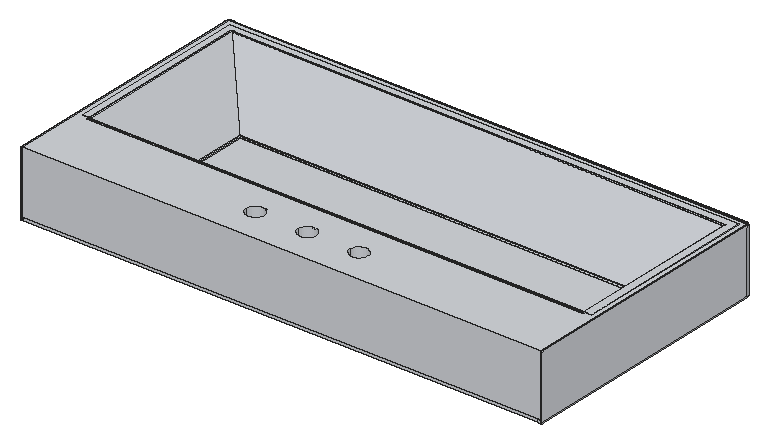
Revit family "M_Sink Bathroom_3", category 위생기구, Revit 2026
Family settings
  원형 커넥터 치수 = 지름 사용
  부품 유형 = 보통
  작업 기준면 기반 = 아니오
  뷰에서 절단 사용 = 아니오
  항상 수직 = 예
  로드될 때 보이드를 사용하여 절단 = 아니오
  주석 방향 유지 = 아니오
  공유 = 아니오
  룸 계산 점 = 아니오
Parameters (values of type "1000 x 500mm")
  기본 높이 = 0 mm
  Material = none
  제조업체 = "Revit"
  조합 코드 = "D2010440"
Reference planes
  plane 1 "Center (Front/Back)": y = 0
  plane 2: z = 0
  plane 3 "Center (Left/Right)": x = 0
  plane 4: x = -134.49
  plane 5: x = -249.489
  plane 6: x = -224.489
Forms (mm)
  Sweep 1, solid, material <- "Material"
    path origin (-125, -75, 630) x (1, 0, 0) y (0, 1, 0)
      loop
        line (-348.531, 210) -> (-348.531, 550) -> (601.469, 550) -> (601.469, 210)
    profile origin (0, 305, 0) x (-1, 0, 0) y (0, 0, 1)
      loop
        line (488.392, 745) -> (488.392, 750) -> (474.501, 750)
        arc (474.501, 750) -> (473.531, 749.749) -> (472.805, 749.06) r 2
        line (472.805, 749.06) -> (398.98, 630.94)
        arc (398.98, 630.94) -> (398.253, 630.251) -> (397.284, 630) r 2
        line (397.284, 630) -> (393.039, 630) -> (393.039, 624.958) -> (401.137, 624.958) -> (476.163, 745) -> (488.392, 745)
  Sweep 2, solid, material <- "Material"
    path origin (-125, -75, 630) x (1, 0, 0) y (0, 1, 0)
      loop
        line (-351.163, 205) -> (604.101, 205)
    profile origin (1.469, 0, 0) x (0, 1, 0) y (0, 0, 1)
      loop
        line (149.827, 631.749) -> (135.102, 748.251)
        arc (135.102, 748.251) -> (134.441, 749.5) -> (133.118, 750) r 2
        line (133.118, 750) -> (129.881, 750) -> (145.686, 624.958) -> (155.686, 624.958) -> (155.686, 630) -> (151.811, 630)
        arc (151.811, 630) -> (150.489, 630.5) -> (149.827, 631.749) r 2
  Extrusion 3, solid, material <- "Material"
    sketch origin (-125, -75, 630) x (1, 0, 0) y (0, 1, 0)
      loop
        arc (-370.531, 573) -> (-372.653, 572.121) -> (-373.531, 570) r 3
        line (-373.531, 570) -> (-373.531, 75) -> (626.469, 75) -> (626.469, 570)
        arc (626.469, 570) -> (625.59, 572.121) -> (623.469, 573) r 3
        line (623.469, 573) -> (-370.531, 573)
      loop
        circle (25.511, 139.361) r 17.5
      loop
        circle (125.511, 139.361) r 17.5
      loop
        circle (225.511, 139.361) r 17.5
      loop
        line (604.101, 550) -> (-351.163, 550) -> (-351.163, 205) -> (604.101, 205) -> (604.101, 550)
    from 0 to 120
  Sweep 4, solid, material <- "Material"
    path origin (-125, -75, 630) x (1, 0, 0) y (0, 1, 0)
      loop
        line (-373.531, 75) -> (-373.531, 570)
        arc (-373.531, 570) -> (-372.067, 573.536) -> (-368.531, 575) r 5
        line (-368.531, 575) -> (621.469, 575)
        arc (621.469, 575) -> (625.004, 573.536) -> (626.469, 570) r 5
        line (626.469, 570) -> (626.469, 75)
    profile origin (0, 247.5, 0) x (-1, 0, 0) y (0, 0, 1)
      loop
        line (498.531, 750) -> (498.531, 625) -> (499.531, 625)
        arc (499.531, 625) -> (500.238, 625.293) -> (500.531, 626) r 1
        line (500.531, 626) -> (500.531, 749)
        arc (500.531, 749) -> (500.238, 749.707) -> (499.531, 750) r 1
        line (499.531, 750) -> (498.531, 750)
  Extrusion 5, solid, material <- "Material"
    sketch origin (-125, -75, 630) x (1, 0, 0) y (0, 1, 0)
      loop
        arc (-373.531, 80) -> (-372.067, 76.464) -> (-368.531, 75) r 5
        line (-368.531, 75) -> (621.469, 75)
        arc (621.469, 75) -> (625.004, 76.464) -> (626.469, 80) r 5
        line (626.469, 80) -> (626.469, 570)
        arc (626.469, 570) -> (625.004, 573.536) -> (621.469, 575) r 5
        line (621.469, 575) -> (-368.531, 575)
        arc (-368.531, 575) -> (-372.067, 573.536) -> (-373.531, 570) r 5
        line (-373.531, 570) -> (-373.531, 80)
      loop
        circle (125.51, 275) r 23
    from -5.042 to 0
Lines and regions (mm)
  symbolic lines
    curve 1: line (-495, 500, 0) -> (495, 500, 0)
    curve 2: arc (495, 500, 0) -> (498.536, 498.536, 0) -> (500, 495, 0) r 5
    curve 3: line (500, 495, 0) -> (500, 5, 0)
    curve 4: arc (500, 5, 0) -> (498.536, 1.464, 0) -> (495, 0, 0) r 5
    curve 5: line (495, 0, 0) -> (-495, 0, 0)
    curve 6: arc (-495, 0, 0) -> (-498.536, 1.464, 0) -> (-500, 5, 0) r 5
    curve 7: line (-500, 5, 0) -> (-500, 495, 0)
    curve 8: arc (-500, 495, 0) -> (-498.536, 498.536, 0) -> (-495, 500, 0) r 5
    curve 9: line (-470, 475, 0) -> (470, 475, 0)
    curve 10: arc (470, 475, 0) -> (473.536, 473.536, 0) -> (475, 470, 0) r 5
    curve 11: line (475, 470, 0) -> (475, 135, 0)
    curve 12: arc (475, 135, 0) -> (473.536, 131.464, 0) -> (470, 130, 0) r 5
    curve 13: line (470, 130, 0) -> (-470, 130, 0)
    curve 14: arc (-470, 130, 0) -> (-473.536, 131.464, 0) -> (-475, 135, 0) r 5
    curve 15: line (-475, 135, 0) -> (-475, 470, 0)
    curve 16: arc (-475, 470, 0) -> (-473.536, 473.536, 0) -> (-470, 475, 0) r 5
    curve 17: line (-470, 470, 0) -> (-388.13, 388.13, 0)
    curve 18: line (-470, 135, 0) -> (-389.982, 151.032, 0)
    curve 19: line (470, 135, 0) -> (390.329, 150.477, 0)
    curve 20: line (470, 470, 0) -> (387.696, 387.696, 0)
    curve 21: line (-380, 385, 0) -> (380, 385, 0)
    curve 22: arc (380, 385, 0) -> (383.536, 383.536, 0) -> (385, 380, 0) r 5
    curve 23: line (385, 380, 0) -> (385, 155.048, 0)
    curve 24: arc (385, 155.048, 0) -> (383.536, 151.513, 0) -> (380, 150.048, 0) r 5
    curve 25: line (380, 150.048, 0) -> (-380, 150.048, 0)
    curve 26: arc (-380, 150.048, 0) -> (-383.536, 151.513, 0) -> (-385, 155.048, 0) r 5
    curve 27: line (-385, 155.048, 0) -> (-385, 380, 0)
    curve 28: arc (-385, 380, 0) -> (-383.536, 383.536, 0) -> (-380, 385, 0) r 5
    curve 29: arc (-37.5, 200, 0) -> (0, 237.5, 0) -> (37.5, 200, 0) r 37.5
    curve 30: arc (37.5, 200, 0) -> (0, 162.5, 0) -> (-37.5, 200, 0) r 37.5
    curve 31: arc (-23, 200, 0) -> (0, 223, 0) -> (23, 200, 0) r 23
    curve 32: arc (23, 200, 0) -> (0, 177, 0) -> (-23, 200, 0) r 23
    curve 33: arc (-17.5, 64.361, 0) -> (0, 81.861, 0) -> (17.5, 64.361, 0) r 17.5
    curve 34: arc (17.5, 64.361, 0) -> (0, 46.861, 0) -> (-17.5, 64.361, 0) r 17.5
    curve 35: arc (82.5, 64.361, 0) -> (100, 81.861, 0) -> (117.5, 64.361, 0) r 17.5
    curve 36: arc (117.5, 64.361, 0) -> (100, 46.861, 0) -> (82.5, 64.361, 0) r 17.5
    curve 37: arc (-117.5, 64.361, 0) -> (-100, 81.861, 0) -> (-82.5, 64.361, 0) r 17.5
    curve 38: arc (-82.5, 64.361, 0) -> (-100, 46.861, 0) -> (-117.5, 64.361, 0) r 17.5
    curve 39: spline (-12.5, 136.838, 0) -> (-12.074, 137.573, 0) -> (-10.825, 138.258, 0) -> (-8.839, 138.846, 0) -> (-6.25, 139.297, 0) -> (-3.235, 139.581, 0) -> (0, 139.678, 0) -> (3.235, 139.581, 0) -> (6.25, 139.297, 0) -> (8.839, 138.846, 0) -> (10.825, 138.258, 0) -> (12.074, 137.573, 0) -> (12.5, 136.838, 0)
    curve 40: spline (-12.5, 136.838, 0) -> (-12.074, 136.102, 0) -> (-10.825, 135.418, 0) -> (-8.839, 134.829, 0) -> (-6.25, 134.378, 0) -> (-3.235, 134.094, 0) -> (0, 133.998, 0) -> (3.235, 134.094, 0) -> (6.25, 134.378, 0) -> (8.839, 134.829, 0) -> (10.825, 135.418, 0) -> (12.074, 136.102, 0) -> (12.5, 136.838, 0)
